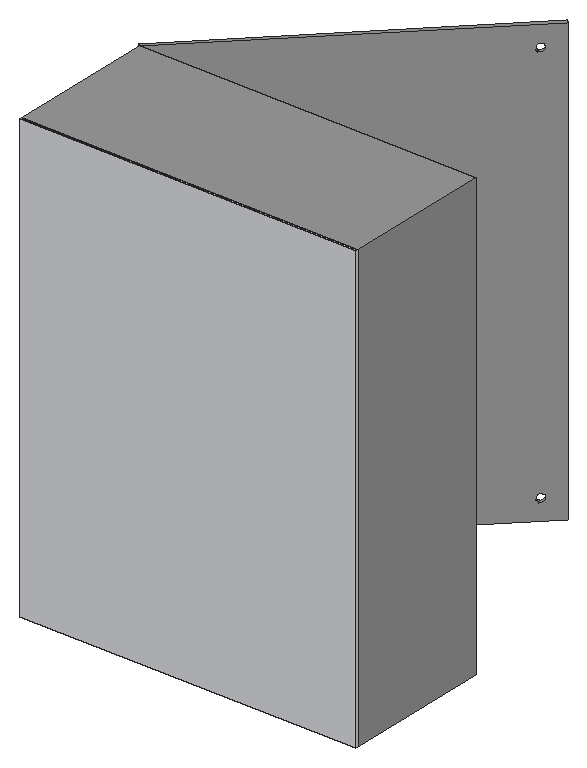
Revit family "Building-SurfaceMountingEnclosures-GEWISS-46QP-DISTRIBUTION-BOARD-POLYESTER_BLANK_DOOR_IP66", category Attrezzatura elettrica, host Muro, Revit 2016
Family settings
  Host = Muro
  Configurazione quadro = Due colonne, circuiti in orizzontale
  Tipo di parte = Pannello comandi
  Quota connettore circolare = Usa diametro
  Numero OmniClass = 23.80.30.11.17
  Titolo OmniClass = Distribution Boards and Control Panels
  Sempre verticale = Sì
  Taglio con vuoti quando caricato = No
  Condiviso = No
  Punto di calcolo locali = Sì
Parameters (values of type "GW46007F - WT.POLYEST. BOARD800X1060X350 BLANK DOOR")
  Voltaggio = no
  Voltage = 0 V
  Vista di pianta [instance] = yes
  Version file RFA = "18.0"
  URL = "https://www.gewiss.com/ww/en"
  Type of material = "Halogen-free in compliance with EN 60754-2"
  Type of door = "Blank door"
  Thermo-pressure with ball = "200 °C"
  Technical sheet = "https://www.gewiss.com/ww/en/search?q=GW46007F"
  Surface-mounting brackets = "GW46446-GW46451"
  Struttura quadro = GEWISS - GRIGIO RAL 7035
  Standard. = "EN 61439-1, EN 61439-2, EN62208, EN 60670-1, IEC 60670-24"
  Sportello visibile [instance] = yes
  Spessore quadro = 350 mm
  Simbolo [instance] = yes
  Shock resistance = "IK10"
  SEO = "Board"
  Realized by GEWISS S.p.A. = ""
  Rated insulation voltage (Ui) = "1000 V"
  Produttore = "GEWISS S.p.A."
  Pannelo = GEWISS - GRIGIO RAL 7035
  Operating temperature = "-25 +60 °C"
  Offset etichetta nome quadro [instance] = 685.076 mm
  Numero di poli = 1
  Nominal dim. LxHxD (mm) = "800x1060x350"
  No. of modules EN 50022: = "180 (36x5)"
  No. of modules EN 50022 = "180 (36x5)"
  No. locks = "2"
  Modello = "GW46007F"
  Maximum rated insulation voltage (Ue) = "690V"
  Material = "Polyester reinforced with fibreglass"
  Larghezza quadro = 800 mm
  Kit for double insulation restore = "GW46526"
  Insulation voltage: = "1000 V according to EN 62208 both in ac as well as in dc"
  Insulation voltage = "1000V"
  Insulation class = "II"
  Immagine tipo = 46QP.JPG
  IP degree = "IP66"
  IFC.TypeObject = ""
  IFC.ExportType = ""
  IFC.ExportAs = ""
  IDT = "53d9a337-54a6-474b-b4cf-c18729555086"
  IDF = "1dbae67d-1db6-4056-b210-e5e80a4c5c46"
  H_quadro = 1060 mm
  H_da terra = 500 mm
  Glow Wire Test = "960°C"
  GW - NOME QUADRO [instance] = "NOME QUADRO"
  GEWISS SCHEDA TECNICA = "http://pro.gewiss.com/irj/portal/?NavigationTarget=pcd:portal_content/com.gewiss.ZPPFDMain/com.gewiss.ZPPFDITMain/com.gewiss.ZPPFDITMainDefault/com.gewiss.ZPPFDITPages/com.gewiss.ZPPFDITPagesAP/com.gewiss.ZPPFDITPagesAPCatalogo/com.gewiss.ZPPPDITAPProductDetail&codProd=GW46007"
  Functional dim. LxHxD (mm) = "783x1066x350"
  Fast & Easy = "Yes"
  Family = "46 QP"
  Etichetta nome quadro [instance] = yes
  Electrocod = "0321"
  EAN code = "8011564854772"
  Distanza_fori = 100 mm
  Distanza orizzontale del simbolo [instance] = 1033.355 mm
  Distanza dal muro [instance] = 4.208 mm
  Dispersible power B (W) = "226"
  Dispersible power A (W) = "324"
  Dispersible power (W) = "226"
  Descrizione = "WT.POLYEST. BOARD800X1060X350 BLANK DOOR"
  DETTAGLIO = DETTAGLIO 46QP : GW46007
  Cornice simbolo [instance] = yes
  Colour = "Grey RAL 7035"
  Classificazione carico = Other
  Classificazione = no
  Characteristics = "UV resistance (EN 62208)"
  Catalogue Range = "46 QP"
  Catalogue = "BUILDING"
  Carico apparente = no
  Carico Apparente = 0 VA
  COBie.Tagnumber = ""
  COBie.CreatedOn = ""
  COBie.CreatebBy = ""
  COBie.ComponentRegisterItemID = ""
  COBie.Component.TagNumber = ""
  COBie.Component.Space = ""
  COBie.Component.SerialNumber = ""
  COBie.Component.InstallationDate = ""
  COBie.Component.Description = ""
  COBie.Component.BarCode = ""
  Apertura quadro [instance] = 45.00°
  Angolo di apertura reale [instance] = if(Apertura quadro < 0.00°, 0.00°, if(Apertura quadro > 180.00°, 180.00°, Apertura quadro))  # 45.00°
Types (7, lengths in mm): name | Technical sheet | Spessore quadro | Nominal dim. LxHxD (mm) | No. of modules EN 50022: | No. of modules EN 50022 | No. locks | Modello | Larghezza quadro | IDT | H_quadro | GEWISS SCHEDA TECNICA | Functional dim. LxHxD (mm) | EAN code | Dispersible power B (W) | Dispersible power A (W) | Dispersible power (W) | Descrizione | DETTAGLIO
  GW46001F - WT.POLYEST. BOARD250X300X160 BLANK DOOR | "https://www.gewiss.com/ww/en/search?q=GW46001F" | 160 | "250x300x160" | "" | "" | "1" | "GW46001F" | 250 | "eb59cd50-d71f-4746-9baa-c5843203e264" | 300 | "http://pro.gewiss.com/irj/portal/?NavigationTarget=pcd:portal_content/com.gewiss.ZPPFDMain/com.gewiss.ZPPFDITMain/com.gewiss.ZPPFDITMainDefault/com.gewiss.ZPPFDITPages/com.gewiss.ZPPFDITPagesAP/com.gewiss.ZPPFDITPagesAPCatalogo/com.gewiss.ZPPPDITAPProductDetail&codProd=GW46001" | "253x303x160" | "8011564854703" | "-" | "34" | "" | "WT.POLYEST. BOARD250X300X160 BLANK DOOR" | DETTAGLIO 46QP : GW46001
  GW46002F - WT.POLYEST. BOARD310X425X160 BLANK DOOR | "https://www.gewiss.com/ww/en/search?q=GW46002F" | 160 | "310x425x160" | "36 (12x3)" | "36 (12x3)" | "2" | "GW46002F" | 310 | "9e9cc92d-30f1-48a9-966d-f3f66714c4aa" | 425 | "http://pro.gewiss.com/irj/portal/?NavigationTarget=pcd:portal_content/com.gewiss.ZPPFDMain/com.gewiss.ZPPFDITMain/com.gewiss.ZPPFDITMainDefault/com.gewiss.ZPPFDITPages/com.gewiss.ZPPFDITPagesAP/com.gewiss.ZPPFDITPagesAPCatalogo/com.gewiss.ZPPPDITAPProductDetail&codProd=GW46002" | "316x427x160" | "8011564854710" | "39" | "48" | "39" | "WT.POLYEST. BOARD310X425X160 BLANK DOOR" | DETTAGLIO 46QP : GW46002
  GW46003F - WT.POLYEST. BOARD405X500X200 BLANK DOOR | "https://www.gewiss.com/ww/en/search?q=GW46003F" | 200 | "405x500x200" | "54 (18x3)" | "54 (18x3)" | "2" | "GW46003F" | 405 | "b3cd34d0-962c-4a1a-aad7-a35a8b9cae2b" | 500 | "http://pro.gewiss.com/irj/portal/?NavigationTarget=pcd:portal_content/com.gewiss.ZPPFDMain/com.gewiss.ZPPFDITMain/com.gewiss.ZPPFDITMainDefault/com.gewiss.ZPPFDITPages/com.gewiss.ZPPFDITPagesAP/com.gewiss.ZPPFDITPagesAPCatalogo/com.gewiss.ZPPPDITAPProductDetail&codProd=GW46003" | "409,5x502,5x200" | "8011564854734" | "53" | "95" | "53" | "WT.POLYEST. BOARD405X500X200 BLANK DOOR" | DETTAGLIO 46QP : GW46003
  GW46004F - WT.POLYEST. BOARD405X650X200 BLANK DOOR | "https://www.gewiss.com/ww/en/search?q=GW46004F" | 200 | "405x650x200" | "72 (18x4)" | "72 (18x4)" | "2" | "GW46004F" | 405 | "dce305b6-c0eb-4fd2-9219-78cd0d47b93a" | 650 | "http://pro.gewiss.com/irj/portal/?NavigationTarget=pcd:portal_content/com.gewiss.ZPPFDMain/com.gewiss.ZPPFDITMain/com.gewiss.ZPPFDITMainDefault/com.gewiss.ZPPFDITPages/com.gewiss.ZPPFDITPagesAP/com.gewiss.ZPPFDITPagesAPCatalogo/com.gewiss.ZPPPDITAPProductDetail&codProd=GW46004" | "409,5x652,5x200" | "8011564854741" | "81" | "118" | "81" | "WT.POLYEST. BOARD405X650X200 BLANK DOOR" | DETTAGLIO 46QP : GW46004
  GW46005F - WT.POLYEST. BOARD515X650X250 BLANK DOOR | "https://www.gewiss.com/ww/en/search?q=GW46005F" | 250 | "515x650x250" | "96 (24x4)" | "96 (24x4)" | "2" | "GW46005F" | 515 | "5fd6c8b3-4e4d-41cf-b8c8-687b2fb69738" | 650 | "http://pro.gewiss.com/irj/portal/?NavigationTarget=pcd:portal_content/com.gewiss.ZPPFDMain/com.gewiss.ZPPFDITMain/com.gewiss.ZPPFDITMainDefault/com.gewiss.ZPPFDITPages/com.gewiss.ZPPFDITPagesAP/com.gewiss.ZPPFDITPagesAPCatalogo/com.gewiss.ZPPPDITAPProductDetail&codProd=GW46005" | "518,5x653,5x250" | "8011564854758" | "106" | "126" | "106" | "WT.POLYEST. BOARD515X650X250 BLANK DOOR" | DETTAGLIO 46QP : GW46005
  GW46007F - WT.POLYEST. BOARD800X1060X350 BLANK DOOR | "https://www.gewiss.com/ww/en/search?q=GW46007F" | 350 | "800x1060x350" | "180 (36x5)" | "180 (36x5)" | "2" | "GW46007F" | 800 | "53d9a337-54a6-474b-b4cf-c18729555086" | 1060 | "http://pro.gewiss.com/irj/portal/?NavigationTarget=pcd:portal_content/com.gewiss.ZPPFDMain/com.gewiss.ZPPFDITMain/com.gewiss.ZPPFDITMainDefault/com.gewiss.ZPPFDITPages/com.gewiss.ZPPFDITPagesAP/com.gewiss.ZPPFDITPagesAPCatalogo/com.gewiss.ZPPPDITAPProductDetail&codProd=GW46007" | "783x1066x350" | "8011564854772" | "226" | "324" | "226" | "WT.POLYEST. BOARD800X1060X350 BLANK DOOR" | DETTAGLIO 46QP : GW46007
  GW46006F - WT.POLYEST. BOARD585X800X300 BLANK DOOR | "https://www.gewiss.com/ww/en/search?q=GW46006F" | 300 | "585x800x300" | "140 (28x5)" | "140 (28x5)" | "2" | "GW46006F" | 585 | "73654bea-6736-4a80-be35-ab20d2498804" | 800 | "http://pro.gewiss.com/irj/portal/?NavigationTarget=pcd:portal_content/com.gewiss.ZPPFDMain/com.gewiss.ZPPFDITMain/com.gewiss.ZPPFDITMainDefault/com.gewiss.ZPPFDITPages/com.gewiss.ZPPFDITPagesAP/com.gewiss.ZPPFDITPagesAPCatalogo/com.gewiss.ZPPPDITAPProductDetail&codProd=GW46006" | "591x804x300" | "8011564854765" | "146" | "205" | "146" | "WT.POLYEST. BOARD585X800X300 BLANK DOOR" | DETTAGLIO 46QP : GW46006
Reference planes
  plane 1 "Muro": y = 0
  plane 2 "Centro (Sinistra/Destra)": x = 125
  plane 3 "Indietro": y = 75
  plane 4 "SX": x = 0
  plane 5 "DX": x = 800
  plane 6: y = 431
  plane 7 "Base quadro": z = 500
  plane 8: z = 1560
  plane 9: y = 81
  plane 10: x = 75
  plane 11: x = 725
  plane 12: z = 1510
  plane 13: z = 550
  plane 14: z = 1030
  plane 15: x = -1033.355
  plane 16: y = 760.076
  plane 17: x = 400
Forms (mm)
  Extrusion 1, solid, material "GEWISS - GRIGIO RAL 7035" <- "Struttura quadro"
    sketch origin (0, 0, 0) x (1, 0, 0) y (0, 0, 1)
      loop
        line (800, 1560) -> (0, 1560) -> (0, 500) -> (800, 500) -> (800, 1560)
      loop
        line (796, 1556) -> (4, 1556) -> (4, 504) -> (796, 504) -> (796, 1556)
    from -431 to -81
  Extrusion 2, solid
    sketch origin (0, 0, 0) x (1, 0, 0) y (0, 0, 1)
      loop
        line (800, 1560) -> (0, 1560) -> (0, 500) -> (800, 500) -> (800, 1560)
    from -81 to -75
Lines and regions (mm)
  Masking region 1, visible <- "Vista di pianta"
    outline origin (0, 431, 0) x (0.707107, 0.707107, 0) y (-0.707107, 0.707107, 0)
      loop
        line (313.955, -817.415) -> (565.685, -565.685) -> (0, 0) -> (-251.73, -251.73) -> (313.955, -817.415)
  Masking region 2
    outline origin (125, 0, 0) x (0, 1, 0) y (0, 0, 1)
      loop
        line (75, 500) -> (431, 500) -> (431, 1560) -> (75, 1560) -> (75, 500)
  reference lines
    curve 1: line (0, 431, 0) -> (282.843, 713.843, 0)
Text (mm)
  text "Lato posizionamento" at (-2540.362, 1733.729, 0), in view "Livello rif."
  text "Lato posizionamento" at (0, 1409.804, 2854.306), in view "Sinistra"
  text "Lato posizionamento" at (0, 499.811, 2980.732), in view "Destra"
Dimensions and locks
  locked: plane 3 "Indietro" to host wall
  "H_da terra": level to plane 7 "Base quadro"
  "H_quadro": plane 7 "Base quadro" to plane 8
  locked: Extrusion 1 sketch curve to Extrusion 1 sketch curve at 4  (x4)
  locked: plane 9 to host wall at 6
  "Spessore quadro": plane 6 to plane 9
  locked: plane 12 to plane 8 at 50
  locked: plane 7 "Base quadro" to plane 13 at 50
  equal spacing: plane 7 "Base quadro", plane 14, plane 8
  "Larghezza quadro": plane 4 "SX" to plane 5 "DX"
  locked: plane 5 "DX" to plane 11 at 75
  locked: plane 10 to plane 4 "SX" at 75
  "Distanza orizzontale del simbolo": plane 15 to plane 4 "SX"
  "Offset etichetta nome quadro": plane 16 to plane 3 "Indietro"
  "Apertura quadro": angle plane 6 to curve 1
  aligned and locked: plane 1 "Muro" to host wall
  aligned and locked: plane 8 to Extrusion 1 sketch curve
  aligned and locked: plane 5 "DX" to Extrusion 1 sketch curve
  aligned and locked: Extrusion 1 sketch curve to plane 7 "Base quadro"
  aligned and locked: Extrusion 1 sketch curve to plane 4 "SX"
  aligned and locked: plane 6 to Extrusion 1
  aligned and locked: Extrusion 1 to plane 9
  aligned and locked: plane 4 "SX" to Extrusion 2 sketch curve
  aligned and locked: plane 7 "Base quadro" to Extrusion 2 sketch curve
  aligned and locked: Extrusion 2 sketch curve to plane 5 "DX"
  aligned and locked: Extrusion 2 sketch curve to plane 8
  aligned and locked: plane 9 to Extrusion 2
  aligned and locked: Extrusion 2 to host wall
  aligned and locked: plane 6 to curve 1
  aligned and locked: plane 14 to nested 2
  aligned and locked: nested 2 to plane 5 "DX"
  aligned and locked: nested 3 to plane 16
  aligned and locked: nested 3 to plane 17
  aligned and locked: plane 15 to nested 4
  aligned and locked: Masking region 1 sketch curve to plane 6
  aligned and locked: Masking region 1 sketch curve to plane 3 "Indietro"
  aligned and locked: Masking region 1 sketch curve to plane 5 "DX"
  aligned and locked: plane 4 "SX" to Masking region 1 sketch curve
  aligned and locked: Masking region 2 sketch curve to Extrusion 2  (x2)
  aligned and locked: Masking region 2 sketch curve to Extrusion 1  (x2)
Automatic sketch dimensions
  curve 1 to plane 4 "SX" = 0 mm
Nested families
  nested 1: "GEWISS - Pannello cieco" at (88.388, 519.388, 0) x (0.7071, 0.7071, 0) z (0, 0, 1), visible <- "Sportello visibile", type "GEWISS - Pannello cieco"
    with Larghezza pannello 800 mm, H_pannello 1060 mm, H_da terra 500 mm
  nested 2: "DETTAGLIO 46QP" at (800, 0, 1030) x (-1, 0, 0) z (0, -1, 0), type <- "DETTAGLIO", type "GW46007"
  nested 3: "NOME QUADRO" at (400, 760.076, 0), TXT <- "GW - NOME QUADRO", visible <- "Etichetta nome quadro", type "NOME QUADRO"
    with TXT "NOME QUADRO"
  nested 4: "QUADRILAN" at (-1033.355, 75, 0), Distanza dal muro <- "Distanza dal muro", BORDO ACCESO <- "Cornice simbolo", SIMBOLO ACCESO <- "Simbolo", type "QUADRILAN"
    with SIMBOLO ACCESO yes, Distanza dal muro 4.208 mm, BORDO ACCESO yes
Connectors
  electrical at (400, 256, 1560), driven by "Numero di poli", driven by "Classificazione carico", driven by "Voltage", driven by "Carico Apparente"
    settings: on Extrusion 1, index 2, voltage 0 V, apparent load 0 VA, apparent load phase1 0 VA, apparent load phase2 0 VA, apparent load phase3 0 VA, power factor 1, load classification "Other", number of poles 1, system type 31, power factor state 1, is connector primary yes, connector utility no, sub classification motor no, connector description ""
  electrical at (400, 256, 1560)
    settings: on Extrusion 1, index 3, voltage 0 V, apparent load 0 VA, apparent load phase1 0 VA, apparent load phase2 0 VA, apparent load phase3 0 VA, power factor 1, load classification "Altro", number of poles 1, system type 31, power factor state 1, is connector primary no, connector utility no, sub classification motor no, connector description ""
Definition of nested family "GEWISS - Pannello cieco"
  Parameters (values of type "GEWISS - Pannello cieco")
    Default Elevation = 1219.2 mm
    Pannello = none
    Larghezza pannello = 250 mm
    H_pannello = 300 mm
    H_da terra = 90 mm
  Reference planes
    plane 1 "Centro (Fronte/Retro)": y = 0
    plane 2: z = 0
    plane 3 "Centro (Sinistra/Destra)": x = 0
    plane 4: x = -125
    plane 5: x = 125
    plane 6: y = 8
    plane 7: z = 390
    plane 8: z = 340
    plane 9: z = 140
    plane 10: x = 75
    plane 11: z = 90
  Forms (mm)
    Extrusion 1, solid, material <- "Pannello"
      sketch origin (0, 0, 0) x (1, 0, 0) y (0, 1, 0)
        loop
          line (-125, 8) -> (-125, 0) -> (125, 0) -> (125, 8) -> (-125, 8)
      from 90 to 390
    Extrusion 2, void
      sketch origin (0, 0, 0) x (1, 0, 0) y (0, 0, 1)
        loop
          circle (75, 340) r 10
        loop
          circle (75, 140) r 10
      from -8 to 0
  Cuts and joins
    Extrusion 2 cuts Extrusion 1
  Dimensions and locks
    locked: plane 1 "Centro (Fronte/Retro)" to plane 6 at 8
    locked: plane 7 to plane 8 at 50
    locked: plane 5 to plane 10 at 50
    locked: plane 9 to plane 11 at 50
    "H_pannello": plane 7 to plane 11
    "H_da terra": plane 11 to plane 2
    "Larghezza pannello": plane 4 to plane 5
    aligned and locked: level to plane 2
    aligned and locked: Extrusion 1 sketch curve to plane 6
    aligned and locked: plane 4 to Extrusion 1 sketch curve
    aligned and locked: Extrusion 1 sketch curve to plane 1 "Centro (Fronte/Retro)"
    aligned and locked: Extrusion 1 sketch curve to plane 5
    aligned and locked: plane 7 to Extrusion 1
    aligned and locked: plane 8 to Extrusion 2 sketch curve
    aligned and locked: plane 10 to Extrusion 2 sketch curve  (x2)
    aligned and locked: plane 9 to Extrusion 2 sketch curve
    aligned and locked: plane 6 to Extrusion 2
    aligned and locked: plane 1 "Centro (Fronte/Retro)" to Extrusion 2
    aligned and locked: cut or joined group of Extrusion 1, Extrusion 2 to plane 11
  Automatic sketch dimensions
    radius of Extrusion 2 sketch curve = 10 mm  (x2)
Definition of nested family "DETTAGLIO 46QP"
  Parameters (values of type "GW46006")
    GW46007 = no
    GW46006 = yes
    GW46005 = no
    GW46004 = no
    GW46003 = no
    GW46002 = no
    GW46001 = no
  Types (7, lengths in mm): name | GW46007 | GW46006 | GW46005 | GW46004 | GW46003 | GW46002 | GW46001
    GW46001 | no | no | no | no | no | no | yes
    GW46002 | no | no | no | no | no | yes | no
    GW46003 | no | no | no | no | yes | no | no
    GW46004 | no | no | no | yes | no | no | no
    GW46005 | no | no | yes | no | no | no | no
    GW46006 | no | yes | no | no | no | no | no
    GW46007 | yes | no | no | no | no | no | no
  Reference planes
    plane 1 "Centro (Fronte/Retro)": y = 0
    plane 2: z = 0
    plane 3 "Centro (Sinistra/Destra)": x = 0
  Lines and regions (mm)
    detail lines, in view "Livello rif.", visible <- "GW46003"
      curve 1: line (405, -239.674, 0) -> (0, -239.674, 0)
      curve 2: line (0, -239.674, 0) -> (0, 239.674, 0)
      curve 3: line (0, 239.674, 0) -> (405, 239.674, 0)
      curve 4: line (405, 239.674, 0) -> (405, -239.674, 0)
      curve 5: line (405, 239.674, 0) -> (404.624, 243.242, 0)
      curve 6: line (404.624, 243.242, 0) -> (402.745, 246.717, 0)
      curve 7: line (402.745, 246.717, 0) -> (400.221, 248.791, 0)
      curve 8: line (400.221, 248.791, 0) -> (395.613, 250, 0)
      curve 9: line (395.613, 250, 0) -> (9.387, 250, 0)
      curve 10: line (9.387, 250, 0) -> (5.88, 249.32, 0)
      curve 11: line (5.88, 249.32, 0) -> (2.402, 246.884, 0)
      curve 12: line (2.402, 246.884, 0) -> (0.356, 243.173, 0)
      curve 13: line (0.356, 243.173, 0) -> (0, 239.674, 0)
      curve 14: line (0, -239.674, 0) -> (0.461, -243.518, 0)
      curve 15: line (0.461, -243.518, 0) -> (2.444, -246.931, 0)
      curve 16: line (2.444, -246.931, 0) -> (5.642, -249.221, 0)
      curve 17: line (5.642, -249.221, 0) -> (9.387, -250, 0)
      curve 18: line (9.387, -250, 0) -> (395.613, -250, 0)
      curve 19: line (395.613, -250, 0) -> (399.412, -249.197, 0)
      curve 20: line (399.412, -249.197, 0) -> (402.688, -246.782, 0)
      curve 21: line (402.688, -246.782, 0) -> (404.672, -243.071, 0)
      curve 22: line (404.672, -243.071, 0) -> (405, -239.674, 0)
      curve 45: line (202.5, 350, 0) -> (202.5, -307.203, 0)
      curve 46: line (0, 0, 0) -> (405, 0, 0)
    detail lines, in view "Livello rif.", visible <- "GW46003", not visible
      curve 23: line (1591.528, 478.314, 0) -> (1186.528, 478.314, 0)
      curve 24: line (1186.528, 478.314, 0) -> (1186.528, 957.662, 0)
      curve 25: line (1186.528, 957.662, 0) -> (1591.528, 957.662, 0)
      curve 26: line (1591.528, 957.662, 0) -> (1591.528, 478.314, 0)
      curve 27: line (1591.528, 957.662, 0) -> (1591.152, 961.23, 0)
      curve 28: line (1591.152, 961.23, 0) -> (1589.272, 964.705, 0)
      curve 29: line (1589.272, 964.705, 0) -> (1586.748, 966.78, 0)
      curve 30: line (1586.748, 966.78, 0) -> (1582.14, 967.988, 0)
      curve 31: line (1582.14, 967.988, 0) -> (1195.915, 967.988, 0)
      curve 32: line (1195.915, 967.988, 0) -> (1192.408, 967.309, 0)
      curve 33: line (1192.408, 967.309, 0) -> (1188.929, 964.872, 0)
      curve 34: line (1188.929, 964.872, 0) -> (1186.883, 961.161, 0)
      curve 35: line (1186.883, 961.161, 0) -> (1186.528, 957.662, 0)
      curve 36: line (1186.528, 478.314, 0) -> (1186.988, 474.471, 0)
      curve 37: line (1186.988, 474.471, 0) -> (1188.972, 471.058, 0)
      curve 38: line (1188.972, 471.058, 0) -> (1192.17, 468.768, 0)
      curve 39: line (1192.17, 468.768, 0) -> (1195.915, 467.988, 0)
      curve 40: line (1195.915, 467.988, 0) -> (1582.14, 467.988, 0)
      curve 41: line (1582.14, 467.988, 0) -> (1585.94, 468.792, 0)
      curve 42: line (1585.94, 468.792, 0) -> (1589.216, 471.207, 0)
      curve 43: line (1589.216, 471.207, 0) -> (1591.2, 474.917, 0)
      curve 44: line (1591.2, 474.917, 0) -> (1591.528, 478.314, 0)
      curve 47: line (1389.028, 1067.988, 0) -> (1389.028, 410.786, 0)
      curve 48: line (1186.528, 717.988, 0) -> (1591.528, 717.988, 0)
    detail lines, in view "Livello rif.", visible <- "GW46002"
      curve 49: line (313, -201.674, 0) -> (0, -201.674, 0)
      curve 50: line (0, -201.674, 0) -> (0, 201.674, 0)
      curve 51: line (0, 201.674, 0) -> (313, 201.674, 0)
      curve 52: line (313, 201.674, 0) -> (313, -201.674, 0)
      curve 53: line (313, -201.674, 0) -> (312.445, -205.793, 0)
      curve 54: line (312.445, -205.793, 0) -> (310.251, -209.251, 0)
      curve 55: line (310.251, -209.251, 0) -> (307.455, -211.178, 0)
      curve 56: line (307.455, -211.178, 0) -> (303.613, -212, 0)
      curve 57: line (303.613, -212, 0) -> (9.387, -212, 0)
      curve 58: line (313, 201.674, 0) -> (312.498, 205.7, 0)
      curve 59: line (312.498, 205.7, 0) -> (310.581, 208.905, 0)
      curve 60: line (310.581, 208.905, 0) -> (307.644, 211.084, 0)
      curve 61: line (307.644, 211.084, 0) -> (303.613, 212, 0)
      curve 62: line (303.613, 212, 0) -> (9.387, 212, 0)
      curve 63: line (9.387, 212, 0) -> (5.579, 211.187, 0)
      curve 64: line (5.579, 211.187, 0) -> (2.419, 208.905, 0)
      curve 65: line (2.419, 208.905, 0) -> (0.553, 205.839, 0)
      curve 66: line (0.553, 205.839, 0) -> (0, 201.674, 0)
      curve 67: line (0, -201.674, 0) -> (0.586, -205.878, 0)
      curve 68: line (0.586, -205.878, 0) -> (2.749, -209.251, 0)
      curve 69: line (2.749, -209.251, 0) -> (6.045, -211.385, 0)
      curve 70: line (6.045, -211.385, 0) -> (9.387, -212, 0)
      curve 71: line (156.5, -344.173, 0) -> (156.5, 320.161, 0)
      curve 72: line (391.505, 0, 0) -> (-120, 0, 0)
    detail lines, in view "Livello rif.", visible <- "GW46002", not visible
      curve 73: line (895.66, 222.589, 0) -> (582.66, 222.589, 0)
      curve 74: line (582.66, 222.589, 0) -> (582.66, 625.937, 0)
      curve 75: line (582.66, 625.937, 0) -> (895.66, 625.937, 0)
      curve 76: line (895.66, 625.937, 0) -> (895.66, 222.589, 0)
      curve 77: line (895.66, 222.589, 0) -> (895.105, 218.47, 0)
      curve 78: line (895.105, 218.47, 0) -> (892.911, 215.013, 0)
      curve 79: line (892.911, 215.013, 0) -> (890.115, 213.085, 0)
      curve 80: line (890.115, 213.085, 0) -> (886.273, 212.263, 0)
      curve 81: line (886.273, 212.263, 0) -> (592.048, 212.263, 0)
      curve 82: line (895.66, 625.937, 0) -> (895.159, 629.963, 0)
      curve 83: line (895.159, 629.963, 0) -> (893.241, 633.168, 0)
      curve 84: line (893.241, 633.168, 0) -> (890.305, 635.347, 0)
      curve 85: line (890.305, 635.347, 0) -> (886.273, 636.263, 0)
      curve 86: line (886.273, 636.263, 0) -> (592.048, 636.263, 0)
      curve 87: line (592.048, 636.263, 0) -> (588.24, 635.45, 0)
      curve 88: line (588.24, 635.45, 0) -> (585.079, 633.168, 0)
      curve 89: line (585.079, 633.168, 0) -> (583.213, 630.102, 0)
      curve 90: line (583.213, 630.102, 0) -> (582.66, 625.937, 0)
      curve 91: line (582.66, 222.589, 0) -> (583.246, 218.386, 0)
      curve 92: line (583.246, 218.386, 0) -> (585.41, 215.013, 0)
      curve 93: line (585.41, 215.013, 0) -> (588.705, 212.878, 0)
      curve 94: line (588.705, 212.878, 0) -> (592.048, 212.263, 0)
      curve 95: line (739.16, 80.09, 0) -> (739.16, 744.424, 0)
      curve 96: line (974.165, 424.263, 0) -> (462.66, 424.263, 0)
    detail lines, in view "Livello rif.", visible <- "GW46004"
      curve 97: line (0, 315.143, 0) -> (0.43, 318.891, 0)
      curve 98: line (0.43, 318.891, 0) -> (2.223, 322.148, 0)
      curve 99: line (2.223, 322.148, 0) -> (5.127, 324.447, 0)
      curve 100: line (5.127, 324.447, 0) -> (9.387, 325.469, 0)
      curve 101: line (9.387, 325.469, 0) -> (395.613, 325.469, 0)
      curve 102: line (395.613, 325.469, 0) -> (399.873, 324.447, 0)
      curve 103: line (399.873, 324.447, 0) -> (402.777, 322.148, 0)
      curve 104: line (402.777, 322.148, 0) -> (404.57, 318.891, 0)
      curve 105: line (404.57, 318.891, 0) -> (405, 315.143, 0)
      curve 106: line (0, -315.143, 0) -> (0, 315.143, 0)
      curve 107: line (0, 315.143, 0) -> (405, 315.143, 0)
      curve 108: line (405, 315.143, 0) -> (405, -314.205, 0)
      curve 109: line (9.387, -324.531, 0) -> (395.613, -324.531, 0)
      curve 110: line (395.613, -324.531, 0) -> (399.392, -323.736, 0)
      curve 111: line (399.392, -323.736, 0) -> (402.413, -321.614, 0)
      curve 112: line (402.413, -321.614, 0) -> (404.332, -318.622, 0)
      curve 113: line (404.332, -318.622, 0) -> (405, -314.205, 0)
      curve 114: line (405, -314.205, 0) -> (0, -314.205, 0)
      curve 115: line (0, -314.205, 0) -> (0.534, -318.263, 0)
      curve 116: line (0.534, -318.263, 0) -> (2.237, -321.226, 0)
      curve 117: line (2.237, -321.226, 0) -> (5.939, -323.874, 0)
      curve 118: line (5.939, -323.874, 0) -> (9.387, -324.531, 0)
      curve 119: line (202.5, -416.799, 0) -> (202.5, 503.736, 0)
      curve 120: line (-143.457, 0, 0) -> (550.238, 0, 0)
    detail lines, in view "Livello rif.", visible <- "GW46004", not visible
      curve 121: line (1494.939, 33.996, 0) -> (1495.369, 37.744, 0)
      curve 122: line (1495.369, 37.744, 0) -> (1497.162, 41.001, 0)
      curve 123: line (1497.162, 41.001, 0) -> (1500.066, 43.3, 0)
      curve 124: line (1500.066, 43.3, 0) -> (1504.326, 44.322, 0)
      curve 125: line (1504.326, 44.322, 0) -> (1890.552, 44.322, 0)
      curve 126: line (1890.552, 44.322, 0) -> (1894.812, 43.3, 0)
      curve 127: line (1894.812, 43.3, 0) -> (1897.716, 41.001, 0)
      curve 128: line (1897.716, 41.001, 0) -> (1899.509, 37.744, 0)
      curve 129: line (1899.509, 37.744, 0) -> (1899.939, 33.996, 0)
      curve 130: line (1494.939, -596.29, 0) -> (1494.939, 33.996, 0)
      curve 131: line (1494.939, 33.996, 0) -> (1899.939, 33.996, 0)
      curve 132: line (1899.939, 33.996, 0) -> (1899.939, -595.351, 0)
      curve 133: line (1504.326, -605.678, 0) -> (1890.552, -605.678, 0)
      curve 134: line (1890.552, -605.678, 0) -> (1894.331, -604.883, 0)
      curve 135: line (1894.331, -604.883, 0) -> (1897.353, -602.761, 0)
      curve 136: line (1897.353, -602.761, 0) -> (1899.271, -599.769, 0)
      curve 137: line (1899.271, -599.769, 0) -> (1899.939, -595.351, 0)
      curve 138: line (1899.939, -595.351, 0) -> (1494.939, -595.351, 0)
      curve 139: line (1494.939, -595.351, 0) -> (1495.473, -599.41, 0)
      curve 140: line (1495.473, -599.41, 0) -> (1497.176, -602.373, 0)
      curve 141: line (1497.176, -602.373, 0) -> (1500.878, -605.021, 0)
      curve 142: line (1500.878, -605.021, 0) -> (1504.326, -605.678, 0)
      curve 143: line (1697.439, -697.945, 0) -> (1697.439, 222.589, 0)
      curve 144: line (1351.482, -281.147, 0) -> (2045.177, -281.147, 0)
    detail lines, in view "Livello rif.", visible <- "GW46001"
      curve 145: line (250, 140, 0) -> (249.243, 143.816, 0)
      curve 146: line (249.243, 143.816, 0) -> (247.071, 147.071, 0)
      curve 147: line (247.071, 147.071, 0) -> (243.862, 149.224, 0)
      curve 148: line (243.862, 149.224, 0) -> (240, 150, 0)
      curve 149: line (240, 150, 0) -> (10, 150, 0)
      curve 150: line (10, 150, 0) -> (6.49, 149.364, 0)
      curve 151: line (6.49, 149.364, 0) -> (2.929, 147.071, 0)
      curve 152: line (2.929, 147.071, 0) -> (0.827, 143.982, 0)
      curve 153: line (0.827, 143.982, 0) -> (0, 140, 0)
      curve 154: line (0, -140, 0) -> (0.818, -143.961, 0)
      curve 155: line (0.818, -143.961, 0) -> (2.929, -147.071, 0)
      curve 156: line (2.929, -147.071, 0) -> (6.192, -149.246, 0)
      curve 157: line (6.192, -149.246, 0) -> (10, -150, 0)
      curve 158: line (10, -150, 0) -> (240, -150, 0)
      curve 159: line (240, -150, 0) -> (244.202, -149.075, 0)
      curve 160: line (244.202, -149.075, 0) -> (247.071, -147.071, 0)
      curve 161: line (247.071, -147.071, 0) -> (249.073, -144.205, 0)
      curve 162: line (249.073, -144.205, 0) -> (250, -140, 0)
      curve 163: line (250, -140, 0) -> (250, 140, 0)
      curve 164: line (250, 140, 0) -> (0, 140, 0)
      curve 165: line (0, 140, 0) -> (0, -140, 0)
      curve 166: line (0, -140, 0) -> (250, -140, 0)
      curve 167: line (125, -197.42, 0) -> (125, 200.855, 0)
      curve 168: line (-29.079, 0, 0) -> (300, 0, 0)
    detail lines, in view "Livello rif.", visible <- "GW46001", not visible
      curve 169: line (467.631, -26.859, 0) -> (466.875, -23.043, 0)
      curve 170: line (466.875, -23.043, 0) -> (464.702, -19.788, 0)
      curve 171: line (464.702, -19.788, 0) -> (461.493, -17.635, 0)
      curve 172: line (461.493, -17.635, 0) -> (457.631, -16.859, 0)
      curve 173: line (457.631, -16.859, 0) -> (227.631, -16.859, 0)
      curve 174: line (227.631, -16.859, 0) -> (224.121, -17.495, 0)
      curve 175: line (224.121, -17.495, 0) -> (220.56, -19.788, 0)
      curve 176: line (220.56, -19.788, 0) -> (218.458, -22.877, 0)
      curve 177: line (218.458, -22.877, 0) -> (217.631, -26.859, 0)
      curve 178: line (217.631, -306.859, 0) -> (218.449, -310.82, 0)
      curve 179: line (218.449, -310.82, 0) -> (220.56, -313.93, 0)
      curve 180: line (220.56, -313.93, 0) -> (223.823, -316.105, 0)
      curve 181: line (223.823, -316.105, 0) -> (227.631, -316.859, 0)
      curve 182: line (227.631, -316.859, 0) -> (457.631, -316.859, 0)
      curve 183: line (457.631, -316.859, 0) -> (461.833, -315.934, 0)
      curve 184: line (461.833, -315.934, 0) -> (464.702, -313.93, 0)
      curve 185: line (464.702, -313.93, 0) -> (466.704, -311.064, 0)
      curve 186: line (466.704, -311.064, 0) -> (467.631, -306.859, 0)
      curve 187: line (467.631, -306.859, 0) -> (467.631, -26.859, 0)
      curve 188: line (467.631, -26.859, 0) -> (217.631, -26.859, 0)
      curve 189: line (217.631, -26.859, 0) -> (217.631, -306.859, 0)
      curve 190: line (217.631, -306.859, 0) -> (467.631, -306.859, 0)
      curve 191: line (342.631, -364.279, 0) -> (342.631, 33.996, 0)
      curve 192: line (188.552, -166.859, 0) -> (517.631, -166.859, 0)
    detail lines, in view "Livello rif.", visible <- "GW46005"
      curve 193: line (0, 314.674, 0) -> (0.39, 318.289, 0)
      curve 194: line (0.39, 318.289, 0) -> (2.251, 321.711, 0)
      curve 195: line (2.251, 321.711, 0) -> (5.228, 324.028, 0)
      curve 196: line (5.228, 324.028, 0) -> (9.387, 325, 0)
      curve 197: line (9.387, 325, 0) -> (505.613, 325, 0)
      curve 198: line (505.613, 325, 0) -> (509.772, 324.028, 0)
      curve 199: line (509.772, 324.028, 0) -> (512.749, 321.711, 0)
      curve 200: line (512.749, 321.711, 0) -> (514.61, 318.289, 0)
      curve 201: line (514.61, 318.289, 0) -> (515, 314.674, 0)
      curve 202: line (515, -314.674, 0) -> (515, 314.674, 0)
      curve 203: line (515, 314.674, 0) -> (0, 314.674, 0)
      curve 204: line (0, 314.674, 0) -> (0, -314.674, 0)
      curve 205: line (0, -314.674, 0) -> (0.559, -318.803, 0)
      curve 206: line (0.559, -318.803, 0) -> (2.258, -321.719, 0)
      curve 207: line (2.258, -321.719, 0) -> (5.55, -324.18, 0)
      curve 208: line (5.55, -324.18, 0) -> (9.387, -325, 0)
      curve 209: line (9.387, -325, 0) -> (505.613, -325, 0)
      curve 210: line (505.613, -325, 0) -> (509.471, -324.17, 0)
      curve 211: line (509.471, -324.17, 0) -> (512.762, -321.697, 0)
      curve 212: line (512.762, -321.697, 0) -> (514.631, -318.217, 0)
      curve 213: line (514.631, -318.217, 0) -> (515, -314.674, 0)
      curve 214: line (515, -314.674, 0) -> (0, -314.674, 0)
      curve 215: line (257.5, -385.326, 0) -> (257.5, 414.674, 0)
      curve 216: line (-47.835, 0, 0) -> (547.218, 0, 0)
    detail lines, in view "Livello rif.", visible <- "GW46005", detail levels medium+fine
      curve 217: circle (472.286, -208.522, 0) r 15.912 normal (0, 0, 1)
      curve 218: circle (472.286, -208.522, 0) r 7.751 normal (0, 0, 1)
      curve 219: circle (472.286, 231.478, 0) r 15.912 normal (0, 0, 1)
      curve 220: circle (472.286, 231.478, 0) r 7.751 normal (0, 0, 1)
    detail lines, in view "Livello rif.", visible <- "GW46005", not visible
      curve 221: line (701.954, -652.586, 0) -> (702.344, -648.971, 0)
      curve 222: line (702.344, -648.971, 0) -> (704.205, -645.549, 0)
      curve 223: line (704.205, -645.549, 0) -> (707.183, -643.232, 0)
      curve 224: line (707.183, -643.232, 0) -> (711.342, -642.26, 0)
      curve 225: line (711.342, -642.26, 0) -> (1207.567, -642.26, 0)
      curve 226: line (1207.567, -642.26, 0) -> (1211.726, -643.232, 0)
      curve 227: line (1211.726, -643.232, 0) -> (1214.704, -645.549, 0)
      curve 228: line (1214.704, -645.549, 0) -> (1216.565, -648.971, 0)
      curve 229: line (1216.565, -648.971, 0) -> (1216.954, -652.586, 0)
      curve 230: line (1216.954, -1281.934, 0) -> (1216.954, -652.586, 0)
      curve 231: line (1216.954, -652.586, 0) -> (701.954, -652.586, 0)
      curve 232: line (701.954, -652.586, 0) -> (701.954, -1281.934, 0)
      curve 233: line (701.954, -1281.934, 0) -> (702.513, -1286.064, 0)
      curve 234: line (702.513, -1286.064, 0) -> (704.212, -1288.979, 0)
      curve 235: line (704.212, -1288.979, 0) -> (707.504, -1291.44, 0)
      curve 236: line (707.504, -1291.44, 0) -> (711.342, -1292.26, 0)
      curve 237: line (711.342, -1292.26, 0) -> (1207.567, -1292.26, 0)
      curve 238: line (1207.567, -1292.26, 0) -> (1211.425, -1291.431, 0)
      curve 239: line (1211.425, -1291.431, 0) -> (1214.716, -1288.957, 0)
      curve 240: line (1214.716, -1288.957, 0) -> (1216.586, -1285.477, 0)
      curve 241: line (1216.586, -1285.477, 0) -> (1216.954, -1281.934, 0)
      curve 242: line (1216.954, -1281.934, 0) -> (701.954, -1281.934, 0)
      curve 243: line (959.454, -1352.586, 0) -> (959.454, -552.586, 0)
      curve 244: line (654.119, -967.26, 0) -> (1249.173, -967.26, 0)
    detail lines, in view "Livello rif.", visible <- "GW46005", not visible, detail levels medium+fine
      curve 245: circle (1174.241, -1175.782, 0) r 15.912 normal (0, 0, 1)
      curve 246: circle (1174.241, -1175.782, 0) r 7.751 normal (0, 0, 1)
      curve 247: circle (1174.241, -735.782, 0) r 15.912 normal (0, 0, 1)
      curve 248: circle (1174.241, -735.782, 0) r 7.751 normal (0, 0, 1)
    detail lines, in view "Livello rif.", visible <- "GW46007"
      curve 249: line (0, 519.674, 0) -> (0.169, 523.153, 0)
      curve 250: line (0.169, 523.153, 0) -> (1.413, 526.626, 0)
      curve 251: line (1.413, 526.626, 0) -> (3.998, 528.958, 0)
      curve 252: line (3.998, 528.958, 0) -> (7.387, 530, 0)
      curve 253: line (7.387, 530, 0) -> (790.613, 530, 0)
      curve 254: line (790.613, 530, 0) -> (794.651, 529.087, 0)
      curve 255: line (794.651, 529.087, 0) -> (797.672, 526.8, 0)
      curve 256: line (797.672, 526.8, 0) -> (799.618, 523.264, 0)
      curve 257: line (799.618, 523.264, 0) -> (800, 519.674, 0)
      curve 258: line (800, -519.674, 0) -> (800, 519.674, 0)
      curve 259: line (800, 519.674, 0) -> (0, 519.674, 0)
      curve 260: line (0, 519.674, 0) -> (0, -519.674, 0)
      curve 261: line (0, -519.674, 0) -> (0.446, -523.472, 0)
      curve 262: line (0.446, -523.472, 0) -> (2.749, -527.251, 0)
      curve 263: line (2.749, -527.251, 0) -> (6.079, -529.398, 0)
      curve 264: line (6.079, -529.398, 0) -> (9.387, -530, 0)
      curve 265: line (9.387, -530, 0) -> (790.613, -530, 0)
      curve 266: line (790.613, -530, 0) -> (794.335, -529.231, 0)
      curve 267: line (794.335, -529.231, 0) -> (797.251, -527.251, 0)
      curve 268: line (797.251, -527.251, 0) -> (799.364, -524.01, 0)
      curve 269: line (799.364, -524.01, 0) -> (800, -519.674, 0)
      curve 270: line (800, -519.674, 0) -> (0, -519.674, 0)
      curve 275: line (399, 650.408, 0) -> (399, -580.704, 0)
      curve 276: line (-61.024, 0, 0) -> (876.265, 0, 0)
    detail lines, in view "Livello rif.", visible <- "GW46007", detail levels medium+fine
      curve 271: circle (748.001, 353.957, 0) r 15.912 normal (0, 0, 1)
      curve 272: circle (748.001, 353.957, 0) r 7.751 normal (0, 0, 1)
      curve 273: circle (748.001, -331.532, 0) r 15.912 normal (0, 0, 1)
      curve 274: circle (748.001, -331.532, 0) r 7.751 normal (0, 0, 1)
    detail lines, in view "Livello rif.", visible <- "GW46007", not visible
      curve 277: line (-1184.539, 1252.349, 0) -> (-1184.371, 1255.828, 0)
      curve 278: line (-1184.371, 1255.828, 0) -> (-1183.126, 1259.3, 0)
      curve 279: line (-1183.126, 1259.3, 0) -> (-1180.542, 1261.632, 0)
      curve 280: line (-1180.542, 1261.632, 0) -> (-1177.152, 1262.675, 0)
      curve 281: line (-1177.152, 1262.675, 0) -> (-393.927, 1262.675, 0)
      curve 282: line (-393.927, 1262.675, 0) -> (-389.888, 1261.762, 0)
      curve 283: line (-389.888, 1261.762, 0) -> (-386.868, 1259.475, 0)
      curve 284: line (-386.868, 1259.475, 0) -> (-384.922, 1255.939, 0)
      curve 285: line (-384.922, 1255.939, 0) -> (-384.539, 1252.349, 0)
      curve 286: line (-384.539, 213.001, 0) -> (-384.539, 1252.349, 0)
      curve 287: line (-384.539, 1252.349, 0) -> (-1184.539, 1252.349, 0)
      curve 288: line (-1184.539, 1252.349, 0) -> (-1184.539, 213.001, 0)
      curve 289: line (-1184.539, 213.001, 0) -> (-1184.094, 209.203, 0)
      curve 290: line (-1184.094, 209.203, 0) -> (-1181.79, 205.424, 0)
      curve 291: line (-1181.79, 205.424, 0) -> (-1178.461, 203.277, 0)
      curve 292: line (-1178.461, 203.277, 0) -> (-1175.152, 202.675, 0)
      curve 293: line (-1175.152, 202.675, 0) -> (-393.927, 202.675, 0)
      curve 294: line (-393.927, 202.675, 0) -> (-390.205, 203.444, 0)
      curve 295: line (-390.205, 203.444, 0) -> (-387.289, 205.424, 0)
      curve 296: line (-387.289, 205.424, 0) -> (-385.176, 208.665, 0)
      curve 297: line (-385.176, 208.665, 0) -> (-384.539, 213.001, 0)
      curve 298: line (-384.539, 213.001, 0) -> (-1184.539, 213.001, 0)
      curve 303: line (-785.539, 1383.083, 0) -> (-785.539, 151.971, 0)
      curve 304: line (-1245.564, 732.675, 0) -> (-308.275, 732.675, 0)
    detail lines, in view "Livello rif.", visible <- "GW46007", not visible, detail levels medium+fine
      curve 299: circle (-436.538, 1086.632, 0) r 15.912 normal (0, 0, 1)
      curve 300: circle (-436.538, 1086.632, 0) r 7.751 normal (0, 0, 1)
      curve 301: circle (-436.538, 401.143, 0) r 15.912 normal (0, 0, 1)
      curve 302: circle (-436.538, 401.143, 0) r 7.751 normal (0, 0, 1)
    detail lines, in view "Livello rif.", visible <- "GW46006"
      curve 305: line (9.387, -400, 0) -> (6.048, -399.386, 0)
      curve 306: line (6.048, -399.386, 0) -> (2.749, -397.251, 0)
      curve 307: line (2.749, -397.251, 0) -> (0.55, -393.778, 0)
      curve 308: line (0.55, -393.778, 0) -> (0, -389.674, 0)
      curve 309: line (0, -389.674, 0) -> (0, 389.674, 0)
      curve 310: line (0, 389.674, 0) -> (585, 389.674, 0)
      curve 311: line (585, 389.674, 0) -> (585, -389.674, 0)
      curve 312: line (585, -389.674, 0) -> (584.363, -394.011, 0)
      curve 313: line (584.363, -394.011, 0) -> (582.251, -397.251, 0)
      curve 314: line (582.251, -397.251, 0) -> (579.2, -399.288, 0)
      curve 315: line (579.2, -399.288, 0) -> (575.613, -400, 0)
      curve 316: line (575.613, -400, 0) -> (9.387, -400, 0)
      curve 317: line (585, -389.674, 0) -> (0, -389.674, 0)
      curve 318: line (0, 389.674, 0) -> (0.258, 393.694, 0)
      curve 319: line (0.258, 393.694, 0) -> (1.638, 396.924, 0)
      curve 320: line (1.638, 396.924, 0) -> (4.086, 399.008, 0)
      curve 321: line (4.086, 399.008, 0) -> (7.387, 400, 0)
      curve 322: line (7.387, 400, 0) -> (575.613, 400, 0)
      curve 323: line (575.613, 400, 0) -> (579.464, 399.173, 0)
      curve 324: line (579.464, 399.173, 0) -> (582.65, 396.825, 0)
      curve 325: line (582.65, 396.825, 0) -> (584.613, 393.279, 0)
      curve 326: line (584.613, 393.279, 0) -> (585, 389.674, 0)
    detail lines, in view "Livello rif.", visible <- "GW46006", detail levels medium+fine
      curve 327: circle (538.416, 243, 0) r 15.912 normal (0, 0, 1)
      curve 328: circle (538.416, 243, 0) r 7.751 normal (0, 0, 1)
      curve 329: circle (538.416, -277, 0) r 15.912 normal (0, 0, 1)
      curve 330: circle (538.416, -277, 0) r 7.751 normal (0, 0, 1)
    detail lines, in view "Livello rif.", visible <- "GW46006", not visible
      curve 331: line (-906.103, -1022.133, 0) -> (-909.442, -1021.519, 0)
      curve 332: line (-909.442, -1021.519, 0) -> (-912.741, -1019.384, 0)
      curve 333: line (-912.741, -1019.384, 0) -> (-914.941, -1015.911, 0)
      curve 334: line (-914.941, -1015.911, 0) -> (-915.491, -1011.807, 0)
      curve 335: line (-915.491, -1011.807, 0) -> (-915.491, -232.459, 0)
      curve 336: line (-915.491, -232.459, 0) -> (-330.491, -232.459, 0)
      curve 337: line (-330.491, -232.459, 0) -> (-330.491, -1011.807, 0)
      curve 338: line (-330.491, -1011.807, 0) -> (-331.127, -1016.144, 0)
      curve 339: line (-331.127, -1016.144, 0) -> (-333.24, -1019.384, 0)
      curve 340: line (-333.24, -1019.384, 0) -> (-336.291, -1021.421, 0)
      curve 341: line (-336.291, -1021.421, 0) -> (-339.878, -1022.133, 0)
      curve 342: line (-339.878, -1022.133, 0) -> (-906.103, -1022.133, 0)
      curve 343: line (-330.491, -1011.807, 0) -> (-915.491, -1011.807, 0)
      curve 344: line (-915.491, -232.459, 0) -> (-915.233, -228.44, 0)
      curve 345: line (-915.233, -228.44, 0) -> (-913.853, -225.209, 0)
      curve 346: line (-913.853, -225.209, 0) -> (-911.404, -223.126, 0)
      curve 347: line (-911.404, -223.126, 0) -> (-908.103, -222.133, 0)
      curve 348: line (-908.103, -222.133, 0) -> (-339.878, -222.133, 0)
      curve 349: line (-339.878, -222.133, 0) -> (-336.026, -222.96, 0)
      curve 350: line (-336.026, -222.96, 0) -> (-332.84, -225.308, 0)
      curve 351: line (-332.84, -225.308, 0) -> (-330.877, -228.854, 0)
      curve 352: line (-330.877, -228.854, 0) -> (-330.491, -232.459, 0)
    detail lines, in view "Livello rif.", visible <- "GW46006", not visible, detail levels medium+fine
      curve 353: circle (-377.074, -379.134, 0) r 15.912 normal (0, 0, 1)
      curve 354: circle (-377.074, -379.134, 0) r 7.751 normal (0, 0, 1)
      curve 355: circle (-377.074, -899.134, 0) r 15.912 normal (0, 0, 1)
      curve 356: circle (-377.074, -899.134, 0) r 7.751 normal (0, 0, 1)
    detail lines, in view "Livello rif.", visible <- "GW46001", detail levels medium+fine
      curve 357: circle (215.528, -0.458, 0) r 15.912 normal (0, 0, 1)
      curve 358: circle (215.528, -0.458, 0) r 7.751 normal (0, 0, 1)
    detail lines, in view "Livello rif.", visible <- "GW46001", not visible, detail levels medium+fine
      curve 359: circle (433.16, -167.317, 0) r 15.912 normal (0, 0, 1)
      curve 360: circle (433.16, -167.317, 0) r 7.751 normal (0, 0, 1)
    detail lines, in view "Livello rif.", visible <- "GW46002", detail levels medium+fine
      curve 361: circle (269.909, 109.895, 0) r 15.912 normal (0, 0, 1)
      curve 362: circle (269.909, 109.895, 0) r 7.751 normal (0, 0, 1)
      curve 363: circle (269.909, -111.15, 0) r 15.912 normal (0, 0, 1)
      curve 364: circle (269.909, -111.15, 0) r 7.751 normal (0, 0, 1)
    detail lines, in view "Livello rif.", visible <- "GW46002", not visible, detail levels medium+fine
      curve 365: circle (852.569, 534.158, 0) r 15.912 normal (0, 0, 1)
      curve 366: circle (852.569, 534.158, 0) r 7.751 normal (0, 0, 1)
      curve 367: circle (852.569, 313.113, 0) r 15.912 normal (0, 0, 1)
      curve 368: circle (852.569, 313.113, 0) r 7.751 normal (0, 0, 1)
    detail lines, in view "Livello rif.", visible <- "GW46004", detail levels medium+fine
      curve 369: circle (361.818, 208.639, 0) r 15.912 normal (0, 0, 1)
      curve 370: circle (361.818, 208.639, 0) r 7.751 normal (0, 0, 1)
      curve 371: circle (361.818, -208.821, 0) r 15.912 normal (0, 0, 1)
      curve 372: circle (361.818, -208.821, 0) r 7.751 normal (0, 0, 1)
    detail lines, in view "Livello rif.", visible <- "GW46004", not visible, detail levels medium+fine
      curve 373: circle (1856.757, -72.508, 0) r 15.912 normal (0, 0, 1)
      curve 374: circle (1856.757, -72.508, 0) r 7.751 normal (0, 0, 1)
      curve 375: circle (1856.757, -489.968, 0) r 15.912 normal (0, 0, 1)
      curve 376: circle (1856.757, -489.968, 0) r 7.751 normal (0, 0, 1)
    detail lines, in view "Livello rif.", visible <- "GW46003", detail levels medium+fine
      curve 377: circle (362.401, 125.635, 0) r 15.912 normal (0, 0, 1)
      curve 378: circle (362.401, 125.635, 0) r 7.751 normal (0, 0, 1)
      curve 379: circle (362.401, -126.993, 0) r 15.912 normal (0, 0, 1)
      curve 380: circle (362.401, -126.993, 0) r 7.751 normal (0, 0, 1)
    detail lines, in view "Livello rif.", visible <- "GW46003", not visible, detail levels medium+fine
      curve 381: circle (1548.928, 843.624, 0) r 15.912 normal (0, 0, 1)
      curve 382: circle (1548.928, 843.624, 0) r 7.751 normal (0, 0, 1)
      curve 383: circle (1548.928, 590.995, 0) r 15.912 normal (0, 0, 1)
      curve 384: circle (1548.928, 590.995, 0) r 7.751 normal (0, 0, 1)
Definition of nested family "NOME QUADRO"
  Parameters (values of type "NOME QUADRO")
    TXT [instance] = ""
  Reference planes
    plane 1: y = 0
    plane 2: x = 0
  Text (mm)
    label "NOME QUADRO" at (0.217, 0.029, 0), shows "TXT"
Definition of nested family "QUADRILAN"
  Parameters (values of type "QUADRILAN")
    SIMBOLO ACCESO [instance] = yes
    Distanza dal muro [instance] = 4.208 mm
    BORDO ACCESO [instance] = yes
  Reference planes
    plane 1: y = 0
    plane 2: x = 0
  Dimensions and locks
    "Distanza dal muro": plane 1 to nested 1
    aligned and locked: plane 2 to nested 1
  Nested families
    nested 1: "QUADRILAN_BASE" at (0, 4.208, 0), BORDO ACCESO <- "BORDO ACCESO", SIMBOLO ACCESO <- "SIMBOLO ACCESO", type "QUADRILAN"
      with SIMBOLO ACCESO yes, BORDO ACCESO yes
  Definition of nested family "QUADRILAN_BASE"
    Parameters (values of type "QUADRILAN")
      SIMBOLO ACCESO [instance] = yes
      Distanza dal muro = 4.208 mm
      BORDO ACCESO [instance] = yes
    Reference planes
      plane 1: y = 0
      plane 2: x = 0
    Lines and regions (mm)
      detail lines, visible <- "BORDO ACCESO"
        curve 1: line (-2, 2.5, 0) -> (2, 2.5, 0)
        curve 2: line (2, 2.5, 0) -> (2, 0, 0)
        curve 3: line (2, 0, 0) -> (-2, 0, 0)
        curve 4: line (-2, 0, 0) -> (-2, 2.5, 0)
        curve 5: line (-1.9, 2.4, 0) -> (1.9, 2.4, 0)
        curve 6: line (1.9, 2.4, 0) -> (1.9, 0.1, 0)
        curve 7: line (1.9, 0.1, 0) -> (-1.9, 0.1, 0)
        curve 8: line (-1.9, 0.1, 0) -> (-1.9, 2.4, 0)
      detail lines, visible <- "BORDO ACCESO", not visible
        curve 9: line (-2.443, 10.208, 0) -> (2.057, 10.208, 0)
        curve 10: line (2.057, 10.208, 0) -> (2.057, 4.208, 0)
        curve 11: line (2.057, 4.208, 0) -> (-2.443, 4.208, 0)
        curve 12: line (-2.443, 4.208, 0) -> (-2.443, 10.208, 0)
        curve 13: line (-2.043, 9.808, 0) -> (1.657, 9.808, 0)
        curve 14: line (1.657, 9.808, 0) -> (1.657, 4.608, 0)
        curve 15: line (1.657, 4.608, 0) -> (-2.043, 4.608, 0)
        curve 16: line (-2.043, 4.608, 0) -> (-2.043, 9.808, 0)
      detail lines, visible <- "SIMBOLO ACCESO"
        curve 17: line (1.731, 0.358, 0) -> (-1.731, 2.088, 0)
        curve 18: line (-1.731, 2.088, 0) -> (-0.201, 2.088, 0)
        curve 19: line (-0.201, 2.088, 0) -> (1.731, 2.088, 0)
        curve 20: line (1.731, 2.088, 0) -> (1.731, 0.358, 0)
        curve 21: line (1.731, 0.358, 0) -> (-1.731, 0.358, 0)
        curve 22: line (-1.731, 0.358, 0) -> (-1.731, 2.088, 0)
    Dimensions and locks
      aligned and locked: curve 3 to plane 1
